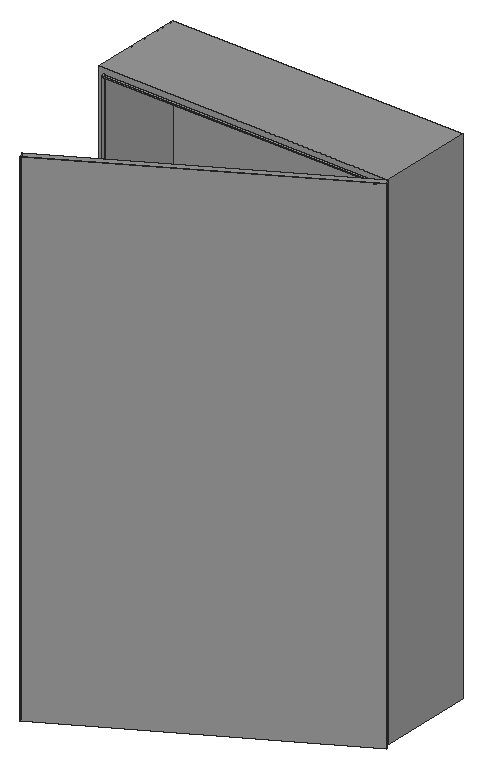
Revit family "Hager-Univers-IP55-D275-H1400-Cl.I-Steel_encl-NoHosted-CH-fr", category Electrical Equipment, Revit 2020
Family settings
  Panel Configuration = Two Columns, Circuits Across
  Round Connector Dimension = Use Diameter
  Part Type = Panelboard
  Work Plane-Based = Yes
  Always vertical = Yes
  Cut with Voids When Loaded = No
  Shared = No
  Room Calculation Point = No
Parameters (values of type "saillie IP55 L800 H1400 P275  - FR93E")
  Width Control [instance] = if([EF000008 - largeur] > Min Width, [EF000008 - largeur], Min Width)  # 800 mm
  Type Comments = [HG000003 - Gamme]  # "Univers"
  Thickness Door [instance] = if([EF009171 - épaisseur de matériau de la porte/du couvercle] > 3 mm, 3 mm, [EF009171 - épaisseur de matériau de la porte/du couvercle])  # 1.5 mm
  Seal Frame Offset [instance] = 17 mm  # constant formula
  Plinth Visibility [instance] = [HG000027 - Hauteur du socle] > 0 mm  # no
  Min Width [instance] = 100 mm  # constant formula
  Min Depth [instance] = (2 * [EF009170 - épaisseur de matériau du boîtier]) + 1 mm  # 4 mm
  Min Height [instance] = 100 mm  # constant formula
  Internal Frame Depth [instance] = (Door System Depth * 0.5)  # 9 mm
  Panel Name [instance] = ""  # (empty or 0)
  Model = ""
  HG000027 - Hauteur du socle = 0 mm
  HG000026 - Installation au sol = no
  HG000024 - Hauteur de la section basse = 600 mm
  HG000023 - Armoire double section = no
  HG000016 - Visibilité de la porte 3D [instance] = yes
  HG000015 - Visibilité de l'emprise de la porte [instance] = no
  HG000014 - Porte à droite [instance] = yes
  HG000013 - Porte à gauche [instance] = not([HG000014 - Porte à droite])  # no
  HG000012 - Angle de pivotement de la porte [instance] = 30.00°
  HG000010 - Portes asymétriques = no
  HG000009 - Porte à double battant = no
  HG000006 - Encastré = no
  HG000004 - Référence fabricant = "FR93E"
  HG000003 - Gamme = "Univers"
  HG000002 - avec porte = yes
  Frame Offset Bottom [instance] = 10 mm  # constant formula
  Frame Offset [instance] = 15 mm  # constant formula
  EF015940 - couvercle avec décharge de pression = no
  EF011959 - degré de protection (NEMA) = ""
  EF009554 - nombre d'ouvertures pour plaques à bride = 6
  EF009212 - finition du couvercle = "EV000116 - fermé"
  EF009171 - épaisseur de matériau de la porte/du couvercle = 1.5 mm
  EF009170 - épaisseur de matériau du boîtier = 1.5 mm
  EF008873 - courant nominal (In) = 800 A
  EF007800 - adapté à un parafoudre = no
  EF006306 - avec serrure = no
  EF006244 - couvercle/porte transparent(e) = no
  EF005474 - indice de protection (IP) = "EV006420 - IP55"
  EF004464 - type de porte = "EV002646 - unique"
  EF004427 - nombre de modules = 324
  EF004293 - indice de protection contre les chocs (IK) = "EV008784 - IK10"
  EF003532 - convient pour utilisation à l’extérieur = no
  EF002950 - largeur en nombre de modules = 24
  EF001613 - maintien de fonction = "EV000494 - sans"
  EF001596 - matériau du boîtier/corps = "EV000179 - acier"
  EF001131 - profondeur intérieure = 275 mm
  EF001088 - possibilité de montage en saillie = yes
  EF000437 - nombre d'entrées de conduit = 6
  EF000339 - type de capot = "EV004216 - porte"
  EF000266 - nombre de rangées = 9
  EF000218 - profondeur d'encastrement = 0 mm
  EF000118 - avec cadre/support de montage = no
  EF000116 - numéro RAL = "7035"
  EF000049 - profondeur = 275 mm
  EF000040 - hauteur = 1400 mm
  EF000008 - largeur = 800 mm
  EF000007 - couleur = "EV000270 - gris"
  EF000003 - mode de pose = "EV000384 - saillie"
  Door System Leaf Tolerance [instance] = 1.5 mm  # constant formula
  Door System Depth [instance] = 18 mm  # constant formula
  Door Height [instance] = Height Control - [HG000027 - Hauteur du socle]  # 1400 mm
  Description = ""
  Default Elevation = 1219.2 mm
  Connector Offset [instance] = Height Control / 2  # 700 mm
  Manufacturer = "Hager"  # constant formula
  Height Control [instance] = if([EF000040 - hauteur] > Min Height, [EF000040 - hauteur], Min Height)  # 1400 mm
  Depth Control [instance] = if([EF000049 - profondeur] > Min Depth, [EF000049 - profondeur], Min Depth)  # 275 mm
  Bottom Top Plate Trim [instance] = 1.5 mm  # constant formula
  Plinth height Ctrl [instance] = if([HG000027 - Hauteur du socle] > 0 mm, [HG000027 - Hauteur du socle], 12 mm)  # 12 mm
Types (5, lengths in mm): name | Width Control | HG000010 - Portes asymétriques | HG000009 - Porte à double battant | HG000004 - Référence fabricant | EF009554 - nombre d'ouvertures pour plaques à bride | EF004464 - type de porte | EF004427 - nombre de modules | EF000437 - nombre d'entrées de conduit | EF000008 - largeur
  saillie IP55 L1050 H1400 P275  - FR94E | 1050 | no | yes | "FR94E" | 8 | "EV003602 - double" | 432 | 8 | 1050
  saillie IP55 L1300 H1400 P275  - FR95E | 1300 | yes | yes | "FR95E" | 10 | "EV003602 - double" | 540 | 10 | 1300
  saillie IP55 L300 H1400 P275  - FR91E | 300 | no | no | "FR91E" | 2 | "EV002646 - unique" | 108 | 2 | 300
  saillie IP55 L550 H1400 P275  - FR92E | 550 | no | no | "FR92E" | 4 | "EV002646 - unique" | 216 | 4 | 550
  saillie IP55 L800 H1400 P275  - FR93E | 800 | no | no | "FR93E" | 6 | "EV002646 - unique" | 324 | 6 | 800
Reference planes
  plane 1 "Center (Front/Back)": y = 0
  plane 2: z = 0
  plane 3 "Center (Left/Right)": x = 0
  plane 4: y = 0
  plane 5: y = 0
  plane 6: z = 0
  plane 7: x = -400
  plane 8: x = 400
  plane 9: x = 398.5
  plane 10: x = -398.5
  plane 11: z = 0
  plane 12: z = 1.5
  plane 13: y = -275
  plane 14: y = -1.5
  plane 15: x = 0
  plane 16: y = -257
  plane 17: y = -273.5
  plane 18: y = -255.5
  plane 19: x = -383.5
  plane 20: x = 383.5
  plane 21: z = 11.5
  plane 22: x = -383
  plane 23: x = 383
  plane 24: z = 0
  plane 25: z = 1400
  plane 26: z = 1400
  plane 27: z = 1383.5
  plane 28: z = 1398.5
Forms (mm)
  Extrusion 1, solid, material "Hager_Steel_RAL7035_Light_Grey", detail levels medium+fine
    sketch origin (-208.679, -4572, 0) x (-1, 0, 0) y (0, -1, 0)
      loop
        line (191.321, -4315) -> (-608.679, -4315) -> (-608.679, -4572) -> (191.321, -4572) -> (191.321, -4315)
    from 0 to 1400
  Extrusion 2, void
    sketch origin (-350.771, -275, 1219.2) x (1, 0, 0) y (0, 0, 1)
      loop
        line (-47.729, 179.3) -> (-47.729, -1217.7) -> (749.271, -1217.7) -> (749.271, 179.3) -> (-47.729, 179.3)
    from -19.5 to -273.5
  Extrusion 3, void
    sketch origin (-290.084, -257, 1219.2) x (1, 0, 0) y (0, 0, 1)
      loop
        line (-93.416, -1207.7) -> (673.584, -1207.7) -> (673.584, 164.3) -> (-93.416, 164.3) -> (-93.416, -1207.7)
    from 0 to -1.5
  Extrusion 4, solid, material "Hager_Steel_RAL7035_Light_Grey", visible <- "Plinth Visibility", detail levels medium+fine
    sketch origin (0, 0, 0) x (1, 0, 0) y (0, 1, 0)
      loop
        line (-400, 0) -> (-400, -257) -> (400, -257) -> (400, 0) -> (-400, 0)
    from 0 to 12 <- "Plinth height Ctrl"
  Extrusion 5, solid, material "Hager_Steel_RAL7035_Light_Grey", detail levels coarse
    sketch origin (0, 0, 0) x (1, 0, 0) y (0, 1, 0)
      loop
        line (-400, 0) -> (-400, -275) -> (400, -275) -> (400, 0) -> (-400, 0)
    from 0 to 1400 <- "Height Control"
  Sweep 6, void
    path in 3D
      loop
        line (-400, -257, 12) -> (400, -257, 12) -> (400, 0, 12) -> (-400, 0, 12) -> (-400, -257, 12)
    profile origin (-400, -128.5, 12) x (1, 0, 0) y (0, 0, 1)
      loop
        line (0, 0) -> (0, -1.5) -> (1.5, -1.5)
        arc (1.5, -1.5) -> (1.061, -0.439) -> (0, 0) r 1.5
  Extrusion 7, solid, material "Hager_Steel_RAL7035_Light_Grey", detail levels fine
    sketch origin (-400, -257, 0) x (1, 0, 0) y (0, 0, 1)
      loop
        line (16.5, 11.5) -> (783.5, 11.5) -> (783.5, 1383.5) -> (16.5, 1383.5) -> (16.5, 11.5)
      loop
        line (15, 10) -> (785, 10) -> (785, 1385) -> (15, 1385) -> (15, 10)
    from 0 to 9 <- "Internal Frame Depth"
Cuts and joins
  Extrusion 2, Extrusion 3 cuts Extrusion 1
  Sweep 6 cuts Extrusion 4
Lines and regions (mm)
  Masking region 1
    outline origin (0, 0, 0) x (1, 0, 0) y (0, 1, 0)
      loop
        line (-400, 0) -> (-400, -275) -> (400, -275) -> (400, 0) -> (-400, 0)
  Masking region 2, detail levels coarse
    outline origin (-290.084, -257, 1219.2) x (-1, 0, 0) y (0, 0, 1)
      loop
        line (-690.084, -1219.2) -> (109.916, -1219.2) -> (109.916, 180.8) -> (-690.084, 180.8) -> (-690.084, -1219.2)
  Masking region 3, detail levels coarse
    outline origin (0, 0, 0) x (0, 1, 0) y (0, 0, 1)
      loop
        line (0, 0) -> (0, 1400) -> (-275, 1400) -> (-275, 0) -> (0, 0)
  Masking region 4, visible <- "Plinth Visibility", detail levels medium+fine
    outline origin (0, 0, 0) x (0, 1, 0) y (0, 0, 1)
      loop
        line (-1.5, 12) -> (-255.5, 12)
        arc (-255.5, 12) -> (-255.939, 10.939) -> (-257, 10.5) r 1.5
        line (-257, 10.5) -> (-257, 0) -> (0, 0) -> (0, 10.5)
        arc (0, 10.5) -> (-1.061, 10.939) -> (-1.5, 12) r 1.5
  Masking region 5, detail levels medium+fine
    outline origin (0, 0, 594.038) x (0, 1, 0) y (0, 0, 1)
      loop
        line (0, -594.038) -> (0, 805.962) -> (-257, 805.962) -> (-257, -594.038) -> (0, -594.038)
  Masking region 6, detail levels medium+fine
    outline origin (-359.7, -257, 1211.883) x (-1, 0, 0) y (0, 0, 1)
      loop
        line (-759.7, -1211.883) -> (40.3, -1211.883) -> (40.3, 188.117) -> (-759.7, 188.117) -> (-759.7, -1211.883)
  Masking region 7, visible <- "Plinth Visibility", detail levels medium+fine
    outline origin (-320.334, -257, 1041.368) x (-1, 0, 0) y (0, 0, 1)
      loop
        line (-720.334, -1041.368) -> (79.666, -1041.368) -> (79.666, -1030.868)
        arc (79.666, -1030.868) -> (78.606, -1030.429) -> (78.166, -1029.368) r 1.5
        line (78.166, -1029.368) -> (-718.834, -1029.368)
        arc (-718.834, -1029.368) -> (-719.273, -1030.429) -> (-720.334, -1030.868) r 1.5
        line (-720.334, -1030.868) -> (-720.334, -1041.368)
  sketch lines
    curve 1: line (-400, 0, 12) -> (-400, -257, 12)
    curve 2: line (-400, -257, 12) -> (400, -257, 12)
    curve 3: line (400, 0, 12) -> (-400, 0, 12)
    curve 4: line (400, -257, 12) -> (400, 0, 12)
Dimensions and locks
  locked: plane 1 "Center (Front/Back)" to plane 5
  "EF009170 - épaisseur de matériau du boîtier": plane 7 to plane 10
  "EF009170 - épaisseur de matériau du boîtier": plane 8 to plane 9
  equal spacing: plane 7, plane 3 "Center (Left/Right)", plane 8
  "Width Control": plane 7 to plane 8
  "Depth Control": plane 4 to plane 13
  "EF009170 - épaisseur de matériau du boîtier": plane 4 to plane 14
  "Height Control": plane 25 to level
  "HG000027 - Hauteur du socle": plane 11 to level
  "EF009170 - épaisseur de matériau du boîtier": plane 12 to plane 11
  "EF009170 - épaisseur de matériau du boîtier": plane 17 to plane 13
  "EF009170 - épaisseur de matériau du boîtier": plane 18 to plane 16
  "Frame Offset Bottom": plane 21 to plane 12
  "Frame Offset": plane 10 to plane 19
  "Frame Offset": plane 9 to plane 20
  "Door System Depth": plane 16 to plane 13
  "Seal Frame Offset": plane 7 to plane 22
  "Seal Frame Offset": plane 8 to plane 23
  "EF009170 - épaisseur de matériau du boîtier": plane 26 to plane 28
  "Frame Offset": plane 28 to plane 27
  "Connector Offset": plane 2 to connector elem
  "Bottom Top Plate Trim": profile plane to Sweep 6 sketch curve
  "Bottom Top Plate Trim": Sweep 6 sketch curve to Sweep 6 sketch curve
  "Plinth height Ctrl": Masking region 4 sketch curve to level
  "Plinth height Ctrl": Masking region 7 sketch curve to level
  "Thickness Door": Extrusion 7 sketch curve to Extrusion 7 sketch curve  (x4)
  "Bottom Top Plate Trim": radius of Sweep 6 sketch curve
  "Bottom Top Plate Trim": radius of Masking region 4 sketch curve  (x2)
  "Bottom Top Plate Trim": radius of Masking region 7 sketch curve  (x2)
  aligned and locked: Extrusion 2 sketch curve to plane 12
  aligned and locked: Extrusion 2 sketch curve to plane 9
  aligned and locked: Extrusion 2 sketch curve to plane 10
  aligned and locked: Extrusion 2 to plane 14
  aligned and locked: Extrusion 1 sketch curve to plane 4
  aligned and locked: plane 8 to Extrusion 1 sketch curve
  aligned and locked: plane 7 to Extrusion 1 sketch curve
  aligned and locked: Extrusion 2 to plane 18
  aligned and locked: Extrusion 3 sketch curve to plane 19
  aligned and locked: plane 20 to Extrusion 3 sketch curve
  aligned and locked: Extrusion 3 to Extrusion 2
  aligned and locked: Extrusion 3 sketch curve to plane 21
  aligned and locked: plane 3 "Center (Left/Right)" to nested 1
  aligned and locked: Extrusion 1 sketch curve to plane 16
  aligned and locked: Extrusion 4 sketch curve to cut or joined group of Extrusion 1, Extrusion 2, Extrusion 3
  aligned and locked: Masking region 1 sketch curve to plane 7
  aligned and locked: Masking region 1 sketch curve to plane 5
  aligned and locked: Masking region 1 sketch curve to plane 8
  aligned and locked: Masking region 2 sketch curve to level
  aligned and locked: level to Masking region 3 sketch curve
  aligned and locked: plane 1 "Center (Front/Back)" to Masking region 3 sketch curve
  aligned and locked: plane 13 to Masking region 3 sketch curve
  aligned and locked: plane 5 to Masking region 4 sketch curve
  aligned and locked: Masking region 2 sketch curve to plane 8
  aligned and locked: Masking region 2 sketch curve to plane 7
  aligned and locked: plane 7 to nested 2
  aligned and locked: nested 2 to plane 5
  aligned and locked: plane 5 to Masking region 5 sketch curve
  aligned and locked: plane 26 to Masking region 5 sketch curve
  aligned and locked: Extrusion 5 sketch curve to plane 8
  aligned and locked: Extrusion 5 sketch curve to plane 7
  aligned and locked: Extrusion 5 sketch curve to plane 5
  aligned and locked: Extrusion 3 sketch curve to plane 27
  aligned and locked: Extrusion 2 sketch curve to plane 28
  aligned and locked: Masking region 2 to plane 25
  aligned and locked: Extrusion 4 to plane 16
  aligned and locked: profile plane to Sweep 6 sketch curve
  aligned and locked: Masking region 5 sketch curve to plane 24
  aligned and locked: level to Masking region 4 sketch curve
  aligned and locked: Masking region 1 to plane 13
  aligned and locked: nested 1 to plane 16
  aligned and locked: Masking region 3 to plane 25
  aligned and locked: plane 16 to Masking region 4 sketch curve
  aligned and locked: Masking region 5 sketch curve to plane 16
  aligned and locked: plane 24 to plane 11
  aligned and locked: plane 26 to plane 25
  aligned and locked: plane 26 to cut or joined group of Extrusion 1, Extrusion 2, Extrusion 3
  aligned and locked: nested 1 to plane 24
  aligned and locked: Extrusion 1 to Extrusion 3
  aligned and locked: Masking region 6 sketch curve to plane 8
  aligned and locked: Masking region 6 sketch curve to plane 24
  aligned and locked: Masking region 6 sketch curve to plane 7
  aligned and locked: Masking region 6 sketch curve to plane 26
  aligned and locked: Masking region 7 sketch curve to plane 7
  aligned and locked: level to Masking region 7 sketch curve
  aligned and locked: Masking region 7 sketch curve to plane 8
  aligned and locked: Extrusion 7 sketch curve to cut or joined group of Extrusion 1, Extrusion 2, Extrusion 3  (x4)
Automatic sketch dimensions
  plane 19 to Extrusion 3 sketch curve = 0 mm
  Extrusion 3 sketch curve to plane 20 = 0 mm
  Extrusion 3 sketch curve to plane 21 = 0 mm
  Extrusion 4 sketch curve to plane 7 = 0 mm
  Extrusion 4 sketch curve to plane 8 = 0 mm
  Extrusion 4 sketch curve to plane 16 = 0 mm
  Masking region 1 sketch curve to plane 13 = 0 mm
  Masking region 2 sketch curve to plane 25 = 0 mm
  Masking region 3 sketch curve to plane 25 = 0 mm
  Extrusion 5 sketch curve to plane 13 = 0 mm
  profile plane to Sweep 6 sketch curve = 0 mm
Nested families
  nested 1: "EC000058_Univers_Door" at (0, -257, 0), Double <- "HG000009 - Porte à double battant", Transparent <- "EF006244 - couvercle/porte transparent(e)", Angle <- "HG000012 - Angle de pivotement de la porte", Door_Right <- "HG000014 - Porte à droite", Assymetrical <- "HG000010 - Portes asymétriques", Door <- "HG000002 - avec porte", Width_Ctrl <- "Width Control", 3d_Door <- "HG000016 - Visibilité de la porte 3D", Clearance <- "HG000015 - Visibilité de l'emprise de la porte", Door_Left <- "HG000013 - Porte à gauche", Width <- "Width Control", Door_Depth <- "Door System Depth", Leaf_Tolerance <- "Door System Leaf Tolerance", Height <- "Door Height", Lock_Visibility <- "EF006306 - avec serrure", Thickness <- "Thickness Door", type "EC000058_Univers_Door", detail levels medium+fine
    with min_wh 4 mm, Width_Ctrl 800 mm, Width 800 mm, Transparent no, Thickness 1.5 mm, Seal_Material Hager_Rubber, Lock_Visibility no, Lock_Material Hager_Plastic_RAL9005_Jet_Black, Leaf_Width 800 mm, Leaf_Tolerance_External_Sides 0 mm, Leaf_Tolerance 1.5 mm, Leaf_Offset 0 mm, Leaf_Height 1397 mm, Leaf_2_Width 800 mm, Leaf_2_Offset 400 mm, Leaf_1_Width 800 mm, Leaf_1_Offset 400 mm, Height_Ctrl 1400 mm, Height 1400 mm, Glass_Material Hager_Glass, Double_Clearance_Ctrl no, Double no, Door_Right_Ctrl yes, Door_Right yes, Door_Material Hager_Steel_RAL7035_Light_Grey, Door_Left_Ctrl no, Door_Left no, Door_Depth 18 mm, Door yes, Clearance_Material Hager_Clearance, Clearance_Depth 800 mm, Clearance_Ctrl no, Clearance no, Assymetrical no, Angle 30.00°, 3d_Door yes
  nested 2: "Hager_Enclosure_Symbol" at (-400, 0, 0), Height <- "Depth Control", Width <- "Width Control", type "Hager_Enclosure_Symbol"
    with Width_Ctrl 800 mm, Width 800 mm, Height_Ctrl 275 mm, Height 275 mm, A_Width_Int 18.047 mm, A_Width 216.562 mm, A_Height_Ctrl 240.625 mm, A_Height 240.625 mm
Connectors
  electrical at (0, 0, 700)
    settings: on plane 1 "Center (Front/Back)", index 1, voltage 0 V, apparent load 0 VA, apparent load phase1 0 VA, apparent load phase2 0 VA, apparent load phase3 0 VA, power factor 1, load classification "Other", number of poles 1, system type 30, power factor state 1, is connector primary yes, connector utility no, sub classification motor no, connector description ""
Definition of nested family "EC000058_Univers_Door"
  Parameters (values of type "EC000058_Univers_Door")
    min_wh [instance] = (2 * Thickness) + 1 mm  # 11 mm
    Width_Ctrl [instance] = 400 mm
    Width [instance] = 500 mm
    Transparent [instance] = yes
    Thickness [instance] = 5 mm
    Seal_Material [instance] = none
    Lock_Visibility [instance] = yes
    Lock_Material [instance] = none
    Leaf_Width [instance] = if((Width_Ctrl - 2 * Leaf_Tolerance_External_Sides) > 0 mm, (Width_Ctrl - 2 * Leaf_Tolerance_External_Sides), min_wh)  # 400 mm
    Leaf_Tolerance_External_Sides [instance] = 0 mm  # constant formula
    Leaf_Tolerance [instance] = 1.5 mm
    Leaf_Offset [instance] = 0 mm  # constant formula
    Leaf_Height [instance] = if((Height_Ctrl - 2 * Leaf_Tolerance) > 0 mm, (Height_Ctrl - 2 * Leaf_Tolerance), min_wh)  # 497 mm
    Leaf_2_Width [instance] = if(and(and(Double, Assymetrical), Door_Left), (Leaf_Width / 3) - (Leaf_Tolerance / 2), if(and(and(Double, Assymetrical), Door_Right), (Leaf_Width / 3) * 2 - (Leaf_Tolerance / 2), if(and(Double, not(Assymetrical)), (Leaf_Width / 2) - Leaf_Tolerance, Leaf_Width)))  # 400 mm
    Leaf_2_Offset [instance] = if(and(Double, Assymetrical), Leaf_2_Width / 2, if(and(Double, not(Assymetrical)), Leaf_Width / 4, Leaf_Width / 2))  # 200 mm
    Leaf_1_Width [instance] = if(and(and(Double, Assymetrical), Door_Right), (Leaf_Width / 3) - (Leaf_Tolerance / 2), if(and(and(Double, Assymetrical), Door_Left), (Width / 3) * 2 - (Leaf_Tolerance / 2), if(and(Double, not(Assymetrical)), (Leaf_Width / 2) - Leaf_Tolerance, Leaf_Width)))  # 400 mm
    Leaf_1_Offset [instance] = if(and(Double, Assymetrical), Leaf_1_Width / 2, if(and(Double, not(Assymetrical)), Leaf_Width / 4, Leaf_Width / 2))  # 200 mm
    Height_Ctrl [instance] = if(Height > min_wh, Height, min_wh)  # 500 mm
    Height [instance] = 500 mm
    Glass_Material [instance] = none
    Double_Clearance_Ctrl [instance] = and(Double, Clearance)  # no
    Double [instance] = no
    Door_Right_Ctrl [instance] = and(or(Door_Right, Double), Door)  # yes
    Door_Right [instance] = yes
    Door_Material [instance] = none
    Door_Left_Ctrl [instance] = and(or(Door_Left, Double), Door)  # no
    Door_Left [instance] = no
    Door_Depth [instance] = 30 mm
    Door [instance] = yes
    Default Elevation = 1219.2 mm
    Clearance_Material [instance] = none
    Clearance_Depth [instance] = if(Leaf_1_Width > Leaf_2_Width, Leaf_1_Width, Leaf_2_Width)  # 400 mm
    Clearance_Ctrl [instance] = and(not(Double), Clearance)  # yes
    Clearance [instance] = yes
    Assymetrical [instance] = yes
    Angle [instance] = 30.00°
    3d_Door [instance] = yes
  Reference planes
    plane 1 "Center (Front/Back)": y = 0
    plane 2 "Bottom": z = 0
    plane 3 "Center (Left/Right)": x = 0
    plane 4: z = 500
    plane 5: x = -200
    plane 6: x = 200
    plane 7: z = 500
    plane 8: x = -200
    plane 9: z = 0
    plane 10: x = 200
    plane 11: y = 0
    plane 12: z = 1.5
    plane 13: x = -600
    plane 14: y = -400
    plane 15: x = 600
    plane 16: x = 0
    plane 17: x = 0
    plane 18: x = -200
    plane 19: x = 200
    plane 20: z = 498.5
  Forms (mm)
    Extrusion 1, solid, material <- "Clearance_Material", visible <- "Double_Clearance_Ctrl"
      sketch origin (1200, 0, 0) x (1, 0, 0) y (0, 0, -1)
        loop
          line (-1800, -498.5) -> (-600, -498.5) -> (-600, 0) -> (-1800, 0) -> (-1800, -498.5)
      from 0 to -400
  Dimensions and locks
    equal spacing: plane 5, plane 3 "Center (Left/Right)", plane 6
    "Width_Ctrl": plane 5 to plane 6
    "Leaf_Offset": plane 5 to plane 8
    "Leaf_Offset": plane 6 to plane 10
    "Leaf_Offset": plane 9 to level
    "Leaf_Offset": plane 4 to plane 7
    "Height_Ctrl": plane 4 to level
    "Leaf_Tolerance": plane 12 to plane 9
    locked: plane 11 to plane 1 "Center (Front/Back)"
    "Leaf_1_Offset": plane 18 to plane 16
    "Leaf_2_Offset": plane 17 to plane 19
    "Leaf_1_Width": plane 13 to plane 8
    "Leaf_2_Width": plane 10 to plane 15
    "Clearance_Depth": plane 14 to plane 1 "Center (Front/Back)"
    "Leaf_Tolerance_External_Sides": plane 8 to plane 18
    "Leaf_Tolerance_External_Sides": plane 19 to plane 10
    "Leaf_Tolerance": plane 7 to plane 20
    aligned and locked: level to plane 2 "Bottom"
    aligned and locked: nested 1 to plane 16
    aligned and locked: nested 2 to plane 17
    aligned and locked: Extrusion 1 to plane 13
    aligned and locked: plane 15 to Extrusion 1
    aligned and locked: Extrusion 1 to plane 14
    aligned and locked: plane 12 to nested 1
    aligned and locked: nested 2 to plane 12
    aligned and locked: Extrusion 1 to plane 11
    aligned and locked: plane 20 to Extrusion 1
    aligned and locked: nested 2 to plane 11
    aligned and locked: nested 1 to plane 11
  Automatic sketch dimensions
    Extrusion 1 sketch curve to level = 0 mm
    plane 5 to Extrusion 1 sketch curve = 400 mm
    plane 6 to Extrusion 1 sketch curve = 400 mm
    Extrusion 1 sketch curve to plane 4 = 1.5 mm
  Nested families
    nested 1: "EC000058_Univers_Door_Leaf" at (0, 0, 1.5), Width <- "Leaf_1_Width", visible <- "Door_Left_Ctrl", Leaf_Height <- "Leaf_Height", Angle <- "Angle", 3d_Door <- "3d_Door", Transparent <- "Transparent", Clearance Material <- "Clearance_Material", Clearance <- "Clearance_Ctrl", Door_Material <- "Door_Material", Glass_Material <- "Glass_Material", Door_Depth <- "Door_Depth", Lock_Material <- "Lock_Material", Seal_Material <- "Seal_Material", Lock_Visibility <- "Lock_Visibility", Thickness <- "Thickness", type "EC000058_Univers_Door_Leaf"
      with Width 400 mm, Transparent_Glass_Offset 30 mm, Transparent_Ctrl yes, Transparent yes, Thickness 5 mm, Standard no, Seal_Material none, Seal_D2 8 mm, Seal_D1 1 mm, Offset_Internal_Frame 10 mm, Lock_Width 20 mm, Lock_Visibility_3d yes, Lock_Visibility yes, Lock_Thickness_3 3 mm, Lock_Thickness_2 1 mm, Lock_Thickness_1 3 mm, Lock_Radius_Offset_2 16 mm, Lock_Radius_Offset_1 15 mm, Lock_Radius_2 5 mm, Lock_Radius 6 mm, Lock_Offset 5 mm, Lock_Material none, Lock_Height 80 mm, Lock_Cover_Top_Offset_2d 17 mm, Lock_Cover_Height -65 mm, Leaf_Height 497 mm, Internal_Seal_Thickness 8 mm, Internal_Seal_Depth_2 4.5 mm, Internal_Frame_Depth 25 mm, Glass_Thickness -1 mm, Glass_Offset -2 mm, Glass_Material none, Door_Material none, Door_Depth 30 mm, Clearance Material none, Clearance yes, Angle_Ctrl 30.00°, Angle 30.00°, 3d_Door yes
    nested 2: "EC000058_Univers_Door_Leaf" at (0, 0, 1.5) x (-1, 0, 0) z (0, 0, 1), Width <- "Leaf_2_Width", visible <- "Door_Right_Ctrl", Leaf_Height <- "Leaf_Height", Angle <- "Angle", 3d_Door <- "3d_Door", Transparent <- "Transparent", Clearance Material <- "Clearance_Material", Clearance <- "Clearance_Ctrl", Door_Material <- "Door_Material", Glass_Material <- "Glass_Material", Door_Depth <- "Door_Depth", Lock_Material <- "Lock_Material", Seal_Material <- "Seal_Material", Lock_Visibility <- "Lock_Visibility", Thickness <- "Thickness", type "EC000058_Univers_Door_Leaf"
      with Width 400 mm, Transparent_Glass_Offset 30 mm, Transparent_Ctrl yes, Transparent yes, Thickness 5 mm, Standard no, Seal_Material none, Seal_D2 8 mm, Seal_D1 1 mm, Offset_Internal_Frame 10 mm, Lock_Width 20 mm, Lock_Visibility_3d yes, Lock_Visibility yes, Lock_Thickness_3 3 mm, Lock_Thickness_2 1 mm, Lock_Thickness_1 3 mm, Lock_Radius_Offset_2 16 mm, Lock_Radius_Offset_1 15 mm, Lock_Radius_2 5 mm, Lock_Radius 6 mm, Lock_Offset 5 mm, Lock_Material none, Lock_Height 80 mm, Lock_Cover_Top_Offset_2d 17 mm, Lock_Cover_Height -65 mm, Leaf_Height 497 mm, Internal_Seal_Thickness 8 mm, Internal_Seal_Depth_2 4.5 mm, Internal_Frame_Depth 25 mm, Glass_Thickness -1 mm, Glass_Offset -2 mm, Glass_Material none, Door_Material none, Door_Depth 30 mm, Clearance Material none, Clearance yes, Angle_Ctrl 30.00°, Angle 30.00°, 3d_Door yes
  Definition of nested family "EC000058_Univers_Door_Leaf"
    Parameters (values of type "EC000058_Univers_Door_Leaf")
      Width [instance] = 2000 mm
      Transparent_Glass_Offset [instance] = 30 mm
      Transparent_Ctrl [instance] = and(Transparent, [3d_Door])  # yes
      Transparent [instance] = yes
      Thickness [instance] = 5 mm
      Standard [instance] = and(not(Transparent), [3d_Door])  # no
      Seal_Material [instance] = none
      Seal_D2 [instance] = 8 mm  # constant formula
      Seal_D1 [instance] = 1 mm  # constant formula
      Offset_Internal_Frame [instance] = 10 mm  # constant formula
      Lock_Width [instance] = 20 mm  # constant formula
      Lock_Visibility_3d [instance] = and(Lock_Visibility, [3d_Door])  # yes
      Lock_Visibility [instance] = yes
      Lock_Thickness_3 [instance] = 3 mm  # constant formula
      Lock_Thickness_2 [instance] = 1 mm  # constant formula
      Lock_Thickness_1 [instance] = 3 mm  # constant formula
      Lock_Radius_Offset_2 [instance] = Lock_Radius_Offset_1 + 1 mm  # 16 mm
      Lock_Radius_Offset_1 [instance] = 15 mm  # constant formula
      Lock_Radius_2 [instance] = Lock_Radius - 1 mm  # 5 mm
      Lock_Radius [instance] = 6 mm  # constant formula
      Lock_Offset [instance] = 5 mm  # constant formula
      Lock_Material [instance] = none
      Lock_Height [instance] = 80 mm  # constant formula
      Lock_Cover_Top_Offset_2d [instance] = Lock_Radius_Offset_2 + 1 mm  # 17 mm
      Lock_Cover_Height [instance] = -(Lock_Height - Lock_Radius_Offset_1)  # -65 mm
      Leaf_Height [instance] = 2720.336 mm
      Internal_Seal_Thickness [instance] = 8 mm  # constant formula
      Internal_Seal_Depth_2 [instance] = 4.5 mm  # constant formula
      Internal_Frame_Depth [instance] = if(Door_Depth - Thickness > 5 mm, Door_Depth - Thickness, 5 mm)  # 25 mm
      Glass_Thickness [instance] = if(Thickness > 15 mm, Glass_Offset + 10 mm, -1 mm)  # -1 mm
      Glass_Offset [instance] = if(Thickness > 15 mm, -(Thickness + 10 mm) / 2, -2 mm)  # -2 mm
      Glass_Material [instance] = none
      Door_Material [instance] = none
      Door_Depth [instance] = 30 mm
      Default Elevation = 0 mm
      Clearance Material [instance] = none
      Clearance [instance] = yes
      Angle_Ctrl [instance] = if(Angle > 180.00°, 180.00°, Angle)  # 90.00°
      Angle [instance] = 90.00°
      3d_Door [instance] = yes
    Reference planes
      plane 1 "Center (Front/Back)": y = 0
      plane 2: z = 0
      plane 3 "Center (Left/Right)": x = 0
      plane 4: y = 2000
      plane 5: x = -1000
      plane 6: x = 1000
      plane 7: x = -3000
      plane 8: z = 2720.336
      plane 9: z = 30
      plane 10: z = 2690.336
      plane 11: x = 970
      plane 12: x = -970
      plane 13: y = -3
      plane 14: z = 107.833
      plane 15: y = -5
      plane 16: y = -223.314
      plane 17: x = -1000
      plane 18: z = 1360.168
      plane 19: y = 30
    Forms (mm)
      Extrusion 1, solid, material <- "Clearance Material", visible <- "Clearance"
        sketch origin (0, 0, 0) x (1, 0, 0) y (0, 0, 1)
          loop
            line (-3000, 2720.336) -> (-3000, 0) -> (1000, 0) -> (1000, 2720.336) -> (-3000, 2720.336)
        from 0 to -2000
      Extrusion 2, solid, material <- "Door_Material", visible <- "Standard", detail levels medium+fine
        sketch origin (-1000, 0, 0) x (0, 1, 0) y (-1, 0, 0)
          loop
            line (0, 30) -> (0, 25) -> (2000, 25) -> (2000, 30) -> (0, 30)
        from 0 to 2720.336 <- "Leaf_Height"
      Extrusion 3, solid, material <- "Door_Material", visible <- "Transparent_Ctrl", detail levels medium+fine
        sketch origin (-1000, 0, 0) x (0, 1, 0) y (-1, 0, 0)
          loop
            line (0, 25) -> (2000, 25) -> (2000, 30) -> (0, 30) -> (0, 25)
        from 0 to 2720.336 <- "Leaf_Height"
      Extrusion 4, void
        sketch origin (-1025, 2000, 0) x (0, 1, 0) y (0, 0, -1)
          loop
            line (-30, -2690.336) -> (-30, -30) -> (-1970, -30) -> (-1970, -2690.336) -> (-30, -2690.336)
        from 0 to 5 <- "Thickness"
      Sweep 5, solid, material <- "Seal_Material", visible <- "Transparent_Ctrl", detail levels fine
        path in 3D
          loop
            line (-1025, 30, 30) -> (-1025, 30, 2690.336) -> (-1025, 1970, 2690.336) -> (-1025, 1970, 30) -> (-1025, 30, 30)
        profile origin (-1025, 1000, 30) x (1, 0, 0) y (0, 0, 1)
          loop
            line (0, 0) -> (0, -8) -> (1, -8) -> (1, 0) -> (0, 0)
      Extrusion 6, solid, material <- "Glass_Material", visible <- "Transparent_Ctrl", detail levels medium+fine
        sketch origin (-1030, 0, 0) x (0, 1, 0) y (0, 0, -1)
          loop
            line (1970, -2690.336) -> (1970, -30) -> (30, -30) -> (30, -2690.336) -> (1970, -2690.336)
        from -2 <- "Glass_Offset" to -1 <- "Glass_Thickness"
      Extrusion 7, solid, material <- "Door_Material", visible <- "3d_Door", detail levels medium+fine
        sketch origin (-1025, 2000, 0) x (0, -1, 0) y (0, 0, -1)
          loop
            line (0, -2720.336) -> (2000, -2720.336) -> (2000, 0) -> (0, 0) -> (0, -2720.336)
          loop
            line (1995, -5) -> (5, -5) -> (5, -2715.336) -> (1995, -2715.336) -> (1995, -5)
        from 0 to 25 <- "Internal_Frame_Depth"
      Sweep 8, solid, material <- "Seal_Material", visible <- "Transparent_Ctrl", detail levels fine
        path in 3D
          loop
            line (-1025, 0, 0) -> (-1025, 2000, 0) -> (-1025, 2000, 2720.336) -> (-1025, 0, 2720.336) -> (-1025, 0, 0)
        profile origin (-1025, 0, 1360.168) x (1, 0, 0) y (0, 1, 0)
          loop
            line (0, 10) -> (2.975, 10)
            arc (2.975, 10) -> (4.053, 10.447) -> (4.5, 11.525) r 1.525
            line (4.5, 11.525) -> (4.5, 16.527)
            arc (4.5, 16.527) -> (4.069, 17.569) -> (3.027, 18) r 1.473
            line (3.027, 18) -> (0, 18) -> (0, 10)
      Extrusion 9, solid, material <- "Lock_Material", visible <- "Lock_Visibility_3d", detail levels fine
        sketch origin (-1030, 0, 0) x (0, 1, 0) y (0, 0, -1)
          loop
            arc (1993.5, -1400.168) -> (1994.561, -1399.729) -> (1995, -1398.668) r 1.5
            line (1995, -1398.668) -> (1995, -1320.168) -> (1975, -1320.168) -> (1975, -1398.668)
            arc (1975, -1398.668) -> (1975.439, -1399.729) -> (1976.5, -1400.168) r 1.5
            line (1976.5, -1400.168) -> (1993.5, -1400.168)
        from 3 <- "Lock_Thickness_1" to 0
      Blend 10, solid, material <- "Lock_Material", visible <- "Lock_Visibility_3d", detail levels fine
        base sketch origin (-1033, 0, 0) x (0, 1, 0) y (0, 0, -1)
          loop
            line (1975, -1320.168) -> (1975, -1398.668)
            arc (1975, -1398.668) -> (1975.439, -1399.729) -> (1976.5, -1400.168) r 1.5
            line (1976.5, -1400.168) -> (1993.5, -1400.168)
            arc (1993.5, -1400.168) -> (1994.561, -1399.729) -> (1995, -1398.668) r 1.5
            line (1995, -1398.668) -> (1995, -1320.168) -> (1975, -1320.168)
        top sketch origin (-1033, 0, 0) x (0, 1, 0) y (0, 0, -1)
          loop
            line (1976, -1320.168) -> (1976, -1398.668)
            arc (1976, -1398.668) -> (1976.146, -1399.022) -> (1976.5, -1399.168) r 0.5
            line (1976.5, -1399.168) -> (1993.5, -1399.168)
            arc (1993.5, -1399.168) -> (1993.854, -1399.022) -> (1994, -1398.668) r 0.5
            line (1994, -1398.668) -> (1994, -1320.168) -> (1976, -1320.168)
        from 0 to 1 <- "Lock_Thickness_2"
      Blend 11, solid, material <- "Lock_Material", visible <- "Lock_Visibility_3d", detail levels fine
        base sketch origin (-1034, 0, 0) x (0, 1, 0) y (0, 0, -1)
          loop
            line (1978, -1320.168) -> (1978, -1384.168)
            arc (1978, -1384.168) -> (1985, -1391.168) -> (1992, -1384.168) r 7
            line (1992, -1384.168) -> (1992, -1320.168) -> (1978, -1320.168)
        top sketch origin (-1034, 0, 0) x (0, 1, 0) y (0, 0, -1)
          loop
            line (1991, -1320.168) -> (1979, -1320.168) -> (1979, -1383.168)
            arc (1979, -1383.168) -> (1985, -1389.168) -> (1991, -1383.168) r 6
            line (1991, -1383.168) -> (1991, -1320.168)
        from 0 to 3 <- "Lock_Thickness_3"
      Extrusion 12, solid, material <- "Lock_Material", visible <- "Lock_Visibility_3d", detail levels fine
        sketch origin (-1030, 1975, 1320.168) x (1, 0, 0) y (0, -1, 0)
          loop
            line (-7, -19) -> (-7, -1) -> (0, -1) -> (0, 0) -> (-8, 0) -> (-8, -20) -> (0, -20) -> (0, -19) -> (-7, -19)
        from 0 to -65 <- "Lock_Cover_Height"
      Extrusion 13, void
        sketch origin (-1038, 1995, 1320.168) x (-1, 0, 0) y (0, 0, -1)
          loop
            line (-5, -65) -> (0, -65) -> (-5, -60) -> (-5, -65)
        from 0 to 20 <- "Lock_Width"
      Extrusion 14, void
        sketch origin (-1038, 1975, 1320.168) x (0, -1, 0) y (0, 0, -1)
          loop
            circle (-10, -15.995) r 6
          loop
            circle (-10, -15.995) r 5
        from 0 to 2
      Extrusion 15, solid, material <- "Lock_Material", visible <- "Lock_Visibility_3d", detail levels medium
        sketch origin (-1030, 0, 0) x (0, 1, 0) y (0, 0, -1)
          loop
            arc (1993.5, -1400.168) -> (1994.561, -1399.729) -> (1995, -1398.668) r 1.5
            line (1995, -1398.668) -> (1995, -1320.168) -> (1975, -1320.168) -> (1975, -1398.668)
            arc (1975, -1398.668) -> (1975.439, -1399.729) -> (1976.5, -1400.168) r 1.5
            line (1976.5, -1400.168) -> (1993.5, -1400.168)
        from 8 to 0
    Cuts and joins
      Extrusion 4 cuts Extrusion 3
      Extrusion 13, Extrusion 14 cuts Extrusion 9
      Extrusion 14 cuts Blend 11
      Extrusion 13, Extrusion 14 cuts Extrusion 12
      joined: Extrusion 9, Blend 10, Blend 11, Extrusion 12
      Extrusion 14 cuts Extrusion 15
    Lines and regions (mm)
      Masking region 1, visible <- "Lock_Visibility", detail levels fine
        outline origin (0, 0, 0) x (0, 1, 0) y (0, 0, 1)
          loop
            line (30, 1320.168) -> (33, 1320.168) -> (33, 1400.168) -> (30, 1400.168) -> (30, 1320.168)
      Masking region 2, visible <- "Lock_Visibility", detail levels fine
        outline origin (0, 3.143, 0) x (0, 1, 0) y (0, 0, 1)
          loop
            line (29.857, 1354.168) -> (30.857, 1354.168) -> (30.857, 1366.168) -> (29.857, 1366.168) -> (29.857, 1354.168)
      Masking region 3, detail levels medium+fine
        outline origin (0, 0, 0) x (0, 1, 0) y (0, 0, 1)
          loop
            line (0, 0) -> (30, 0) -> (30, 2720.336) -> (0, 2720.336) -> (0, 0)
      Masking region 4, detail levels medium+fine
        outline origin (0, 0, 0) x (1, 0, 0) y (0, 0, 1)
          loop
            line (-1000, 2720.336) -> (-1000, 0) -> (1000, 0) -> (1000, 2720.336) -> (-1000, 2720.336)
      Masking region 5, visible <- "Lock_Visibility", detail levels fine
        outline origin (-47.116, 0, 0) x (1, 0, 0) y (0, 0, 1)
          loop
            arc (1024.616, 1399.168) -> (1023.556, 1398.729) -> (1023.116, 1397.668) r 1.5
            line (1023.116, 1397.668) -> (1023.116, 1320.168) -> (1041.116, 1320.168) -> (1041.116, 1397.668)
            arc (1041.116, 1397.668) -> (1040.677, 1398.729) -> (1039.616, 1399.168) r 1.5
            line (1039.616, 1399.168) -> (1024.616, 1399.168)
      Masking region 6, visible <- "Lock_Visibility", detail levels medium+fine
        outline origin (-25, 0, 0) x (1, 0, 0) y (0, 0, 1)
          loop
            arc (1001.5, 1400.168) -> (1000.439, 1399.729) -> (1000, 1398.668) r 1.5
            line (1000, 1398.668) -> (1000, 1320.168) -> (1020, 1320.168) -> (1020, 1398.668)
            arc (1020, 1398.668) -> (1019.561, 1399.729) -> (1018.5, 1400.168) r 1.5
            line (1018.5, 1400.168) -> (1001.5, 1400.168)
      Masking region 7, visible <- "Lock_Visibility", detail levels fine
        outline origin (-73.735, 0, 0) x (1, 0, 0) y (0, 0, 1)
          loop
            line (1051.735, 1382.168) -> (1065.735, 1382.168) -> (1065.735, 1384.168)
            arc (1065.735, 1384.168) -> (1058.735, 1391.168) -> (1051.735, 1384.168) r 7
            line (1051.735, 1384.168) -> (1051.735, 1382.168)
      Masking region 8, visible <- "Lock_Visibility", detail levels fine
        outline origin (-73.735, 0, 0) x (1, 0, 0) y (0, 0, 1)
          loop
            line (1052.735, 1382.168) -> (1064.735, 1382.168) -> (1064.735, 1383.168)
            arc (1064.735, 1383.168) -> (1058.735, 1389.168) -> (1052.735, 1383.168) r 6
            line (1052.735, 1383.168) -> (1052.735, 1382.168)
      Masking region 9, visible <- "Lock_Visibility", detail levels fine
        outline origin (-25, 0, 0) x (1, 0, 0) y (0, 0, 1)
          loop
            line (1020, 1320.168) -> (1020, 1382.168) -> (1000, 1382.168) -> (1000, 1320.168) -> (1020, 1320.168)
      Masking region 10, detail levels medium+fine
        outline origin (0, 0, 0) x (1, 0, 0) y (0, 0, 1)
          loop
            circle (985, 1335.144) r 6
      Masking region 11, detail levels fine
        outline origin (0, 0, 0) x (1, 0, 0) y (0, 0, 1)
          loop
            circle (985, 1335.144) r 5
      Masking region 12, visible <- "Lock_Visibility", detail levels fine
        outline origin (0, 12.767, 0) x (0, 1, 0) y (0, 0, 1)
          loop
            line (20.233, 1320.168) -> (21.233, 1320.168) -> (21.233, 1399.168) -> (20.233, 1400.168) -> (20.233, 1320.168)
      Masking region 13, visible <- "Lock_Visibility", detail levels fine
        outline origin (0, 13.767, -10) x (0, 1, 0) y (0, 0, 1)
          loop
            line (20.233, 1330.168) -> (23.233, 1330.168) -> (23.233, 1399.168) -> (20.233, 1402.168) -> (20.233, 1330.168)
      Masking region 14, visible <- "Lock_Visibility", detail levels fine
        outline origin (0, 12.767, -10) x (0, 1, 0) y (0, 0, 1)
          loop
            line (20.233, 1330.168) -> (25.233, 1330.168) -> (25.233, 1399.305) -> (20.233, 1394.305) -> (20.233, 1330.168)
      Masking region 15, visible <- "Lock_Visibility", detail levels medium
        outline origin (0, 0, 0) x (0, 1, 0) y (0, 0, 1)
          loop
            line (30, 1320.168) -> (38, 1320.168) -> (38, 1400.168) -> (30, 1400.168) -> (30, 1320.168)
      Masking region 16, visible <- "Lock_Visibility", detail levels fine
        outline origin (-1000, 0, 0) x (0, 1, 0) y (-1, 0, 0)
          loop
            line (1975, 30) -> (1995, 30) -> (1995, 38) -> (1975, 38) -> (1975, 30)
          loop
            line (1979, 37) -> (1976, 37) -> (1976, 34) -> (1978, 34) -> (1979, 37)
          loop
            line (1994, 37) -> (1991, 37) -> (1992, 34) -> (1994, 34) -> (1994, 37)
      Masking region 17, visible <- "Lock_Visibility", detail levels medium
        outline origin (-1000, 0, 0) x (0, 1, 0) y (-1, 0, 0)
          loop
            line (1975, 30) -> (1995, 30) -> (1995, 38) -> (1975, 38) -> (1975, 30)
      symbolic lines
        curve 1: line (1000, 0, 0) -> (-3000, 0, 0)
        curve 2: arc (1000, 0, 0) -> (-1000, 2000, 0) -> (-3000, 0, 0) r 2000
        curve 4: line (-1030, 0, 0) -> (-1030, 2000, 0)
      reference lines
        curve 3: line (-1000, 0, 0) -> (-1000, 2000, 0)
      symbolic lines, detail levels medium+fine
        curve 5: line (-1030, 2000, 0) -> (-1025, 2000, 0)
        curve 7: line (-1025, 0, 0) -> (-1030, 0, 0)
        curve 8: line (-1025, 0, 0) -> (-1000, 0, 0)
        curve 9: line (-1000, 0, 0) -> (-1000, 2000, 0)
        curve 10: line (-1000, 2000, 0) -> (-1025, 2000, 0)
      symbolic lines, detail levels fine
        curve 6: line (-1025, 2000, 0) -> (-1025, 0, 0)
      sketch lines
        curve 11: line (-1025, 0, 2720.336) -> (-1025, 0, 0)
        curve 12: line (-1025, 2000, 0) -> (-1025, 0, 0)
        curve 13: line (-1025, 2000, 2720.336) -> (-1025, 2000, 0)
        curve 14: line (-1025, 0, 2720.336) -> (-1025, 2000, 2720.336)
        curve 15: line (-1025, 1970, 30) -> (-1025, 30, 30)
        curve 16: line (-1025, 30, 30) -> (-1025, 30, 2690.336)
        curve 17: line (-1025, 1970, 2690.336) -> (-1025, 1970, 30)
        curve 18: line (-1025, 30, 2690.336) -> (-1025, 1970, 2690.336)
      symbolic lines, visible <- "Transparent", detail levels medium+fine
        curve 19: line (-970, 0, 2690.336) -> (970, 0, 2690.336)
        curve 20: line (-970, 0, 30) -> (-970, 0, 2690.336)
        curve 21: line (970, 0, 30) -> (-970, 0, 30)
        curve 22: line (970, 0, 2690.336) -> (970, 0, 30)
    Dimensions and locks
      "Width": plane 1 "Center (Front/Back)" to plane 4
      equal spacing: plane 5, plane 3 "Center (Left/Right)", plane 6
      "Width": plane 5 to plane 6
      "Width": plane 7 to plane 5
      "Leaf_Height": plane 8 to level
      "Width": curve 5 to curve 3
      "Width": curve 3 to curve 3
      plane 8 to plane 10 = 30 mm
      plane 9 to level = 30 mm
      plane 12 to plane 5 = 30 mm
      plane 6 to plane 11 = 30 mm
      Extrusion 1 to Extrusion 4 sketch curve = 30 mm
      "Transparent_Glass_Offset": curve 3 to Extrusion 4 sketch curve
      "Transparent_Glass_Offset": Extrusion 4 sketch curve to cut or joined group of Extrusion 3, Extrusion 4  (x2)
      cut or joined group of Extrusion 3, Extrusion 4 to Extrusion 6 sketch curve = 30 mm
      "Transparent_Glass_Offset": cut or joined group of Extrusion 3, Extrusion 4 to Extrusion 4 sketch curve
      "Thickness": curve 6 to curve 4
      "Thickness": Extrusion 7 sketch curve to Extrusion 7 sketch curve  (x4)
      "Door_Depth": curve 4 to curve 3
      "Offset_Internal_Frame": profile plane to Sweep 8 sketch curve
      "Internal_Seal_Thickness": Sweep 8 sketch curve to Sweep 8 sketch curve
      "Internal_Seal_Depth_2": profile plane to Sweep 8 sketch curve
      "Seal_D1": profile plane to Sweep 5 sketch curve
      "Seal_D2": profile plane to Sweep 5 sketch curve
      "Thickness": Extrusion 2 sketch curve to Extrusion 2 sketch curve
      equal spacing: Extrusion 9 sketch curve, plane 18, Extrusion 9 sketch curve  (x2)
      equal spacing: Masking region 1 sketch curve, plane 18, Masking region 1 sketch curve
      "Lock_Height": Masking region 1 sketch curve to Masking region 1 sketch curve
      "Lock_Radius": Masking region 2 sketch curve to plane 18 to Masking region 2 sketch curve
      Masking region 2 sketch curve to Masking region 1 = 1 mm
      "Door_Depth": plane 19 to plane 1 "Center (Front/Back)"
      "Lock_Thickness_1": Masking region 1 sketch curve to plane 19
      "Lock_Width": Extrusion 9 sketch curve to Extrusion 9 sketch curve
      "Lock_Height": Extrusion 9 sketch curve to Extrusion 9 sketch curve
      "Lock_Offset": cut or joined group of Extrusion 3, Extrusion 4 to Extrusion 9 sketch curve
      equal spacing: plane 8, plane 18, level
      "Lock_Radius_Offset_1": Blend 11 sketch curve to Blend 10
      locked: Blend 10 to Blend 11 sketch curve at 2  (x2)
      locked: var sketch to Blend 11 sketch curve at 1  (x2)
      "Lock_Radius_Offset_2": Blend 11 sketch curve to Blend 10
      locked: Extrusion 12 sketch curve to Extrusion 12 sketch curve at 1  (x3)
      Masking region 6 sketch curve to Masking region 6 sketch curve = 80 mm
      "Lock_Height": Masking region 6 sketch curve to Masking region 6 sketch curve
      "Lock_Width": Masking region 6 sketch curve to Masking region 6 sketch curve
      locked: Masking region 6 to Masking region 5 sketch curve at 1  (x3)
      locked: Masking region 5 to Masking region 7 sketch curve at 2  (x2)
      "Lock_Radius_Offset_1": Masking region 5 to Masking region 7 sketch curve
      "Lock_Radius_Offset_2": Masking region 5 to Masking region 8 sketch curve
      locked: Masking region 7 to Masking region 8 sketch curve at 1  (x2)
      "Lock_Cover_Top_Offset_2d": Masking region 5 to Masking region 9 sketch curve
      equal spacing: Masking region 9, Masking region 10 sketch curve, Masking region 9
      equal spacing: Masking region 9, Masking region 11 sketch curve, Masking region 9
      Extrusion 15 sketch curve to Extrusion 15 sketch curve = 80 mm
      "Lock_Width": Extrusion 15 sketch curve to Extrusion 15 sketch curve
      "Lock_Height": Extrusion 15 sketch curve to Extrusion 15 sketch curve
      equal spacing: Extrusion 15 sketch curve, plane 18, Extrusion 15 sketch curve
      "Lock_Thickness_3": Masking region 13 sketch curve to Masking region 13 sketch curve
      "Lock_Height": Masking region 12 sketch curve to Masking region 12 sketch curve
      locked: Masking region 13 sketch curve to Masking region 1 at 8
      locked: Masking region 14 sketch curve to Masking region 13 at 1
      locked: Masking region 14 sketch curve to Masking region 1 at 10.863
      "Lock_Height": Masking region 15 sketch curve to Masking region 15 sketch curve
      "Lock_Offset": Extrusion 15 sketch curve to cut or joined group of Extrusion 3, Extrusion 4
      "Lock_Offset": plane 6 to Masking region 6 sketch curve
      radius of Sweep 8 sketch curve = 1.525 mm
      radius of Sweep 8 sketch curve = 1.473 mm
      radius of Extrusion 9 sketch curve = 1.5 mm  (x2)
      "Lock_Radius": radius of Extrusion 14 sketch curve
      "Lock_Radius_2": radius of Extrusion 14 sketch curve
      "Lock_Radius": radius of Masking region 10 sketch curve
      "Lock_Radius_2": radius of Masking region 11 sketch curve
      radius of Extrusion 15 sketch curve = 1.5 mm  (x2)
      "Angle_Ctrl": angle plane 1 "Center (Front/Back)" to curve 3
      locked: Masking region 12 sketch curve to Masking region 12 sketch curve (angle 45.00°)
      locked: Masking region 13 sketch curve to Masking region 13 sketch curve (angle 45.00°)
      locked: Masking region 14 sketch curve to Masking region 14 sketch curve (angle 45.00°)
      aligned and locked: level to plane 2
      aligned and locked: Extrusion 1 to curve 1
      aligned and locked: plane 6 to Extrusion 1
      aligned and locked: Extrusion 1 to plane 1 "Center (Front/Back)"
      aligned and locked: plane 4 to Extrusion 1
      aligned and locked: plane 8 to Extrusion 1
      aligned and locked: curve 7 to Extrusion 2 sketch curve
      aligned and locked: curve 5 to Extrusion 2 sketch curve
      aligned and locked: curve 7 to Extrusion 3 sketch curve
      aligned and locked: Extrusion 3 sketch curve to curve 4
      aligned and locked: Extrusion 3 sketch curve to curve 6
      aligned and locked: Extrusion 3 sketch curve to curve 5
      aligned and locked: curve 9 to curve 3
      aligned and locked: Extrusion 7 sketch curve to cut or joined group of Extrusion 3, Extrusion 4  (x4)
      aligned and locked: plane 17 to curve 3
      aligned and locked: plane 1 "Center (Front/Back)" to curve 3
      aligned and locked: plane 17 to plane 5
      aligned and locked: Sweep 8 sketch curve to profile plane
      aligned and locked: Sweep 5 sketch curve to profile plane  (x2)
      aligned and locked: Masking region 1 to Masking region 2 sketch curve
      aligned and locked: plane 19 to Masking region 1 sketch curve
      aligned and locked: plane 1 "Center (Front/Back)" to Masking region 3 sketch curve
      aligned and locked: plane 19 to Masking region 3 sketch curve
      aligned and locked: level to Masking region 3 sketch curve
      aligned and locked: Masking region 3 sketch curve to plane 8
      aligned and locked: plane 17 to Masking region 4 sketch curve
      aligned and locked: level to Masking region 4 sketch curve
      aligned and locked: Masking region 4 sketch curve to plane 8
      aligned and locked: plane 12 to curve 20
      aligned and locked: plane 10 to curve 19
      aligned and locked: plane 11 to curve 22
      aligned and locked: curve 21 to plane 9
      aligned and locked: Extrusion 2 sketch curve to cut or joined group of Extrusion 3, Extrusion 4
      aligned and locked: Blend 10 sketch curve to Extrusion 9  (x4)
      aligned and locked: Extrusion 9 to Blend 10 sketch curve
      aligned and locked: Blend 10 to Blend 11 sketch curve
      aligned and locked: Extrusion 12 sketch curve to Blend 11
      aligned and locked: Extrusion 12 sketch curve to Extrusion 9  (x4)
      aligned and locked: Masking region 5 sketch curve to Masking region 6
      aligned and locked: Masking region 9 sketch curve to Masking region 6  (x3)
      aligned and locked: Masking region 12 sketch curve to Masking region 1
      aligned and locked: Masking region 13 sketch curve to Masking region 1
      aligned and locked: Masking region 12 to Masking region 14
      aligned and locked: Masking region 14 sketch curve to Masking region 1
      aligned and locked: Masking region 15 sketch curve to Masking region 14
      aligned and locked: Masking region 13 sketch curve to Masking region 12
      aligned and locked: Masking region 16 sketch curve to cut or joined group of Extrusion 14, Extrusion 15  (x4)
      aligned and locked: Masking region 16 sketch curve to cut or joined group of Extrusion 9, Blend 10, Blend 11, Extrusion 12, Extrusion 13, Extrusion 14  (x6)
      aligned and locked: cut or joined group of Extrusion 9, Blend 10, Blend 11, Extrusion 12, Extrusion 13, Extrusion 14 to Masking region 16 sketch curve
      aligned and locked: Masking region 17 sketch curve to cut or joined group of Extrusion 14, Extrusion 15  (x3)
      aligned and locked: Masking region 17 sketch curve to cut or joined group of Extrusion 9, Blend 10, Blend 11, Extrusion 12, Extrusion 13, Extrusion 14
      aligned and locked: Masking region 9 to Masking region 8 sketch curve
      aligned and locked: Masking region 9 to Masking region 7 sketch curve
    Automatic sketch dimensions
      plane 1 "Center (Front/Back)" to curve 2 = 0 mm
      curve 2 to plane 5 = 0 mm
      Extrusion 1 sketch curve to level = 0 mm
      Extrusion 1 sketch curve to plane 7 = 0 mm
      Extrusion 1 sketch curve to plane 6 = 0 mm
      Extrusion 1 sketch curve to plane 8 = 0 mm
      Extrusion 3 to Extrusion 6 sketch curve = 30 mm  (x4)
      Masking region 4 sketch curve to plane 6 = 0 mm
      Blend 10 sketch curve to Extrusion 9 = 1.5 mm
      Blend 10 sketch curve to Extrusion 9 = 1 mm
      Extrusion 13 sketch curve to Extrusion 12 = 0 mm  (x2)
      Extrusion 12 to Extrusion 13 sketch curve = 3 mm
      Extrusion 13 sketch curve to Extrusion 12 = 5 mm
      Extrusion 14 sketch curve to Extrusion 14 sketch curve = 0 mm  (x2)
      Extrusion 14 sketch curve to Extrusion 12 = 10 mm
      Extrusion 14 sketch curve to Extrusion 12 = 15.995 mm
      Masking region 5 sketch curve to Masking region 5 sketch curve = 1.5 mm  (x2)
      Masking region 10 sketch curve to plane 18 = 25.024 mm
      Masking region 11 sketch curve to plane 18 = 25.024 mm
      plane 19 to Masking region 14 sketch curve = 3 mm
      Masking region 16 sketch curve to Masking region 16 sketch curve = 3 mm
      curve 4 to curve 3 = 0 mm
      Blend 10 to Blend 11 sketch curve = 0 mm
      Masking region 6 sketch curve to Masking region 6 sketch curve = 1.5 mm  (x2)
      Masking region 6 sketch curve to plane 18 = 40 mm
      plane 19 to Masking region 12 sketch curve = 3 mm
      Masking region 12 sketch curve to Masking region 12 sketch curve = 1 mm
      Masking region 15 sketch curve to plane 19 = 0 mm
      Masking region 15 sketch curve to plane 18 = 40 mm
      radius of Blend 10 sketch curve to Extrusion 9 = 1 mm
Definition of nested family "Hager_Enclosure_Symbol"
  Parameters (values of type "Hager_Enclosure_Symbol")
    Width_Ctrl [instance] = if(Width > 1 mm, Width, 1 mm)  # 102.27 mm
    Width [instance] = 102.27 mm
    Height_Ctrl [instance] = if(Height > 1 mm, Height, 1 mm)  # 66.5 mm
    A_Width_Int [instance] = if(A_Width / 12 > 2 mm, A_Width / 12, 2 mm)  # 4.364 mm
    A_Width [instance] = if(A_Height_Ctrl * 0.9 > 2 mm, A_Height_Ctrl * 0.9, 2 mm)  # 52.369 mm
    A_Height_Ctrl [instance] = if(A_Height > 2 mm, A_Height, 2 mm)  # 58.188 mm
    Height [instance] = 66.5 mm
    A_Height [instance] = Height - (Height / 8)  # 58.188 mm
  Reference planes
    plane 1 "Centre (avant/arrière)": y = 0
    plane 2: z = 0
    plane 3 "Centre (gauche/droite)": x = 0
    plane 4: x = 52.369
    plane 5: y = 33.042
    plane 6: y = 41.77
    plane 7: y = 66.5
    plane 8: x = 26.184
    plane 9: y = 37.406
    plane 10: x = 102.27
    plane 11: y = 66.5
    plane 12: y = 8.313
  Lines and regions (mm)
    Filled region 1, type "Solid_Black", in view "Niveau de réf."
      outline origin (0, 0, 0) x (1, 0, 0) y (0, 1, 0)
        loop
          line (52.369, 66.5) -> (33.188, 54.536) -> (45.365, 45.006) -> (52.369, 66.5)
    Filled region 2, type "Solid_Black", in view "Niveau de réf."
      outline origin (0, 0, 0) x (1, 0, 0) y (0, 1, 0)
        loop
          line (0, 0) -> (102.27, 0) -> (102.27, 66.5) -> (0, 0)
    detail lines, in view "Niveau de réf."
      curve 1: line (0, 8.313, 0) -> (26.184, 41.77, 0)
      curve 2: line (26.184, 41.77, 0) -> (26.184, 33.042, 0)
      curve 3: line (26.184, 33.042, 0) -> (52.369, 66.5, 0)
  Dimensions and locks
    "A_Width": plane 3 "Centre (gauche/droite)" to plane 4
    equal spacing: plane 3 "Centre (gauche/droite)", plane 8, plane 4
    equal spacing: plane 6, plane 9, plane 5
    equal spacing: curve 3, Filled region 1 sketch curve, Filled region 1 sketch curve
    "Height_Ctrl": plane 1 "Centre (avant/arrière)" to plane 11
    "A_Height_Ctrl": plane 11 to plane 12
    equal spacing: plane 11, plane 9, plane 12
    "A_Width_Int": plane 6 to plane 9
    "Width_Ctrl": plane 3 "Centre (gauche/droite)" to plane 10
    angle Filled region 1 sketch curve to curve 3 = 20.00°
    angle curve 3 to Filled region 1 sketch curve = 20.00°
    locked: curve 3 to Filled region 1 sketch curve (angle 90.00°)
    aligned and locked: plane 10 to Filled region 2
    aligned and locked: plane 11 to Filled region 2 sketch curve
    aligned and locked: plane 10 to Filled region 2 sketch curve
    aligned and locked: plane 3 "Centre (gauche/droite)" to curve 1
    aligned and locked: plane 12 to curve 1
    aligned and locked: plane 7 to plane 11
  Automatic sketch dimensions
    Filled region 1 sketch curve to plane 4 = 0 mm
    Filled region 1 sketch curve to plane 7 = 0 mm
    plane 1 "Centre (avant/arrière)" to Filled region 2 sketch curve = 0 mm
    Filled region 2 sketch curve to plane 3 "Centre (gauche/droite)" = 0 mm
    curve 2 to plane 6 = 0 mm
    curve 2 to plane 8 = 0 mm
    curve 3 to plane 4 = 0 mm
    curve 2 to plane 5 = 0 mm
    curve 3 to plane 7 = 0 mm
